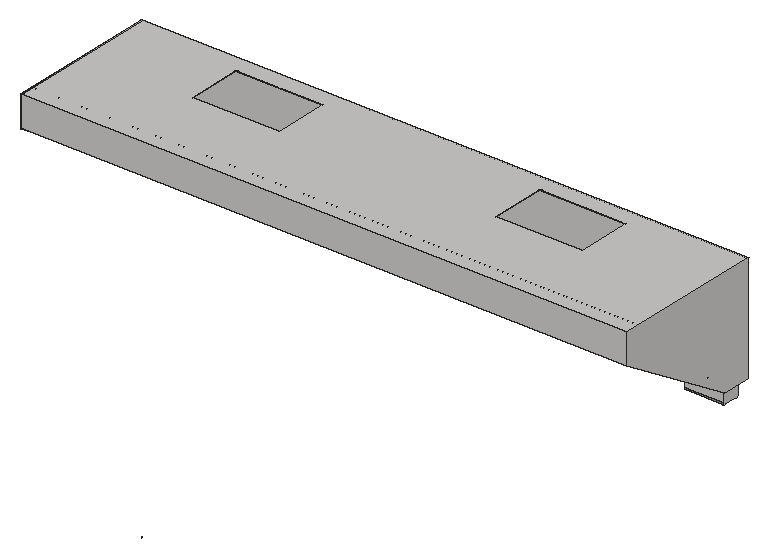
Revit family "QF_ELECTROLUXPROFESSIONAL_642274_MP728BT", category Specialty Equipment, Revit 2014
Reference planes
  plane 1: z = 0
  plane 2 "Center (Left/Right)": x = 150
  plane 3 "LEFT": x = -1250
  plane 4 "RIGHT": x = 1550
  plane 5 "BACK": y = 550
  plane 6 "Plane": z = 2000
  plane 7 "TOP": z = 2140
  plane 8 "Base": z = 1640
  plane 9: z = 1566
  plane 10 "DrainY": y = 485
  plane 11: x = -1247
  plane 12: through (0, 414.509, 1640.8) normal (0, 0.7314, 0.682)
  plane 13: y = 470
  plane 14: y = 220
  plane 15 "DrainX": x = 1430
  plane 16: x = -350
  plane 17: x = 650
  plane 18: x = -750
  plane 19: x = 1050
  plane 20: x = 1547
  plane 21: x = 1340
  plane 22: x = 1520
  plane 23: x = -1210
  plane 24: x = -845
  plane 25: x = -450
  plane 26: x = 1510
  plane 27: x = 1145
  plane 28: x = 750
  plane 29 "Center (Front/Back)": y = 200
  plane 30 "Front": y = -150
Forms (mm)
  Extrusion 1, solid, material "QF_Finishes_Stainless Steel"
    sketch origin (-1250, 0, 0) x (0, 1, 0) y (0, 0, 1)
      loop
        line (550, 1640) -> (550, 2140) -> (-150, 2140) -> (-150, 1998.603) -> (413.973, 1640) -> (550, 1640)
    from 0 to 3
  Extrusion 2, solid, material "QF_Finishes_Stainless Steel"
    sketch origin (150, 0, 0) x (0, 1, 0) y (0, 0, 1)
      loop
        line (415.255, 1640) -> (550, 1640) -> (550, 2139.19) -> (549.2, 2139.19) -> (549.2, 1640.8) -> (415.876, 1640.8) -> (339.347, 1722.867) -> (349.609, 1732.436) -> (348.927, 1733.167) -> (337.934, 1722.917) -> (415.255, 1640)
      loop
        line (-82.203, 2139.19) -> (-82.203, 2118.6) -> (-31.047, 2118.6) -> (34.354, 2048.466) -> (46.028, 2059.352) -> (45.346, 2060.083) -> (34.403, 2049.879) -> (-30.612, 2119.6) -> (-81.203, 2119.6) -> (-81.203, 2139.19) -> (-82.203, 2139.19)
    from -1397 to 1397
  Extrusion 3, solid, material "QF_Finishes_Stainless Steel"
    sketch origin (1550, 0, 0) x (0, 1, 0) y (0, 0, 1)
      loop
        line (550, 1640) -> (550, 2140) -> (-150, 2140) -> (-150, 1998.603) -> (413.973, 1640) -> (550, 1640)
    from 0 to -3
  Extrusion 4, solid, material "QF_Finishes_Stainless Steel"
    sketch origin (150, 0, 0) x (0, 1, 0) y (0, 0, 1)
      loop
        line (-150, 2140) -> (-150, 2000) -> (-149.2, 2000) -> (-149.2, 2139.19) -> (550, 2139.19) -> (550, 2140) -> (-150, 2140)
    from -1400 to 1400
  Extrusion 5, solid, material "QF_Finishes_Stainless Steel"
    sketch origin (150, 0, 0) x (0, 1, 0) y (0, 0, 1)
      loop
        line (534, 1640) -> (436, 1640) -> (436, 1627) -> (443.5, 1627) -> (443.5, 1576)
        arc (443.5, 1576) -> (446.429, 1568.929) -> (453.5, 1566) r 10
        line (453.5, 1566) -> (516.5, 1566)
        arc (516.5, 1566) -> (523.571, 1568.929) -> (526.5, 1576) r 10
        line (526.5, 1576) -> (526.5, 1627) -> (534, 1627) -> (534, 1640)
    from 1190 to 1370
  Extrusion 6, solid, material "QF_Finishes_Stainless Steel"
    sketch origin (0, 0, 1640) x (0, 1, 0) y (-1, 0, 0)
      loop
        circle (485, -1430) r 20
    from -76 to -74
  Extrusion 7, solid, material "QF_Finished_Chrome"
    sketch origin (150, 0, 0) x (0, 1, 0) y (0, 0, 1)
      loop
        line (337.934, 1722.917) -> (341.591, 1726.327) -> (38.011, 2051.876) -> (34.354, 2048.466) -> (337.934, 1722.917)
    from -995 to -1360
  Extrusion 8, solid, material "QF_Finished_Chrome"
    sketch origin (150, 0, 0) x (0, 1, 0) y (0, 0, 1)
      loop
        line (337.934, 1722.917) -> (341.591, 1726.327) -> (38.011, 2051.876) -> (34.354, 2048.466) -> (337.934, 1722.917)
    from 600 to -600
  Extrusion 9, solid, material "QF_Finishes_Stainless Steel"
    sketch origin (150, 0, 0) x (0, 1, 0) y (0, 0, 1)
      loop
        line (337.934, 1722.917) -> (341.591, 1726.327) -> (38.011, 2051.876) -> (34.354, 2048.466) -> (337.934, 1722.917)
    from 1397 to 1360
  Extrusion 10, solid, material "QF_Finishes_Stainless Steel"
    sketch origin (150, 0, 0) x (0, 1, 0) y (0, 0, 1)
      loop
        line (341.588, 1726.324) -> (38.009, 2051.874) -> (34.354, 2048.466) -> (337.934, 1722.917) -> (341.588, 1726.324)
    from -995 to -600
  Extrusion 11, solid, material "QF_Finished_Chrome"
    sketch origin (150, 0, 0) x (0, 1, 0) y (0, 0, 1)
      loop
        line (341.588, 1726.324) -> (38.009, 2051.874) -> (34.354, 2048.466) -> (337.934, 1722.917) -> (341.588, 1726.324)
    from 995 to 1360
  Extrusion 12, void
    sketch origin (0, 0, 2140) x (0, 1, 0) y (-1, 0, 0)
      loop
        line (470, 750) -> (220, 750) -> (220, 350) -> (470, 350) -> (470, 750)
    from 0 to -10
  Extrusion 13, void
    sketch origin (940, 0, 2140) x (0, 1, 0) y (-1, 0, 0)
      loop
        line (470, 290) -> (220, 290) -> (220, -110) -> (470, -110) -> (470, 290)
    from 0 to -10
  Extrusion 14, solid, material "QF_Finishes_Stainless Steel"
    sketch origin (0, 0, 0) x (1, 0, 0) y (0, 1, 0)
      loop
        line (-1250, 550) -> (-1250, 549) -> (-1249, 549) -> (-1249, 550) -> (-1250, 550)
    from 0 to 1
  Extrusion 15, solid, material "QF_Finishes_Stainless Steel"
    sketch origin (150, 0, 0) x (0, 1, 0) y (0, 0, 1)
      loop
        line (337.934, 1722.917) -> (341.591, 1726.327) -> (38.011, 2051.876) -> (34.354, 2048.466) -> (337.934, 1722.917)
    from -1360 to -1397
  Extrusion 16, solid, material "QF_Finishes_Stainless Steel"
    sketch origin (150, 0, 0) x (0, 1, 0) y (0, 0, -1)
      loop
        line (341.588, -1726.324) -> (337.934, -1722.917) -> (34.354, -2048.466) -> (38.009, -2051.874) -> (341.588, -1726.324)
    from -995 to -600
Cuts and joins
  Extrusion 12, Extrusion 13 cuts Extrusion 4
  joined: Extrusion 2, Extrusion 4
Lines and regions (mm)
  reference lines
    curve 1: line (150, 34.354, 2048.466) -> (150, 34.354, 1888.466)
  symbolic lines, style "SpecialityEquipment", detail levels coarse
    curve 2: line (1550, 550, 2140) -> (-1250, 550, 2140)
    curve 3: line (-1250, 550, 2140) -> (-1250, -150, 2140)
    curve 4: line (1550, -150, 2140) -> (1550, 550, 2140)
    curve 5: line (-1250, -150, 2140) -> (1550, -150, 2140)
    curve 6: line (-750, 220, 2140) -> (-350, 220, 2140)
    curve 7: line (-750, 470, 2140) -> (-750, 220, 2140)
    curve 8: line (-350, 470, 2140) -> (-750, 470, 2140)
    curve 9: line (-350, 220, 2140) -> (-350, 470, 2140)
    curve 10: line (650, 470, 2140) -> (650, 220, 2140)
    curve 11: line (650, 220, 2140) -> (1050, 220, 2140)
    curve 12: line (1050, 470, 2140) -> (650, 470, 2140)
    curve 13: line (1050, 220, 2140) -> (1050, 470, 2140)
  symbolic lines, detail levels coarse
    curve 14: line (-1250, -150, 0) -> (1550, 550, 0)
    curve 15: line (1550, -150, 0) -> (-1250, 549, 0)
Dimensions and locks
  plane 3 "LEFT" to plane 4 "RIGHT" = 2800 mm
  equal spacing: plane 3 "LEFT", plane 2 "Center (Left/Right)", plane 4 "RIGHT"
  locked: plane 6 "Plane" to level at 2000
  plane 7 "TOP" to plane 6 "Plane" = 140 mm
  locked: plane 7 "TOP" to plane 8 "Base" at 500
  plane 8 "Base" to plane 9 = 74 mm
  plane 5 "BACK" to plane 10 "DrainY" = 65 mm  (x2)
  plane 3 "LEFT" to plane 11 = 3 mm
  plane 5 "BACK" to plane 13 = 80 mm
  plane 13 to plane 14 = 250 mm  (x2)
  plane 15 "DrainX" to plane 4 "RIGHT" = 120 mm
  locked: plane 16 to plane 17 at 1000
  equal spacing: plane 16, plane 2 "Center (Left/Right)", plane 17
  plane 18 to plane 16 = 400 mm
  plane 17 to plane 19 = 400 mm
  plane 20 to plane 4 "RIGHT" = 3 mm
  locked: plane 21 to plane 15 "DrainX" at 90
  locked: plane 15 "DrainX" to plane 22 at 90
  plane 13 to plane 5 "BACK" = 80 mm
  locked: plane 3 "LEFT" to plane 23 at 40
  locked: plane 23 to plane 24 at 365
  locked: plane 24 to plane 25 at 395
  locked: plane 26 to plane 27 at 365
  locked: plane 27 to plane 28 at 395
  locked: plane 26 to plane 4 "RIGHT" at 40
  plane 25 to plane 28 = 1200 mm
  locked: plane 5 "BACK" to plane 30 "Front" at 700
  equal spacing: plane 5 "BACK", plane 29 "Center (Front/Back)", plane 30 "Front"
  plane 5 "BACK" to plane 30 "Front" = 700 mm
  aligned and locked: level to plane 1
  aligned and locked: Extrusion 2 to Extrusion 1
  aligned and locked: Extrusion 2 to Extrusion 3
  aligned and locked: plane 4 "RIGHT" to Extrusion 4
  aligned and locked: Extrusion 4 to plane 3 "LEFT"
  aligned and locked: plane 20 to Extrusion 9
  aligned and locked: plane 18 to Extrusion 12
  aligned and locked: Extrusion 12 to plane 16
  aligned and locked: Extrusion 12 to plane 14
  aligned and locked: Extrusion 12 to plane 13
  aligned and locked: Extrusion 13 to plane 19
  aligned and locked: plane 17 to Extrusion 13
  aligned and locked: Extrusion 2 to Extrusion 4
  aligned and locked: plane 22 to Extrusion 5
  aligned and locked: Extrusion 5 to plane 21
  aligned and locked: Extrusion 9 to plane 26
  aligned and locked: Extrusion 11 to plane 26
  aligned and locked: Extrusion 11 to plane 27
  aligned and locked: Extrusion 8 to plane 28
  aligned and locked: Extrusion 8 to plane 25
  aligned and locked: plane 25 to Extrusion 10
  aligned and locked: Extrusion 10 to plane 24
  aligned and locked: plane 24 to Extrusion 7
  aligned and locked: Extrusion 7 to plane 23
  aligned and locked: Extrusion 15 to plane 11
  aligned and locked: plane 23 to Extrusion 15
  aligned and locked: Extrusion 16 to plane 28
  aligned and locked: Extrusion 16 to plane 27
  aligned and locked: Extrusion 3 to plane 20
Automatic sketch dimensions
  curve 5 to plane 3 "LEFT" = 0 mm
  curve 9 to plane 14 = 0 mm
  curve 10 to plane 14 = 0 mm
  plane 13 to curve 8 = 0 mm
  plane 13 to curve 12 = 0 mm
  curve 3 to plane 5 "BACK" = 0 mm
  curve 5 to plane 4 "RIGHT" = 0 mm
  curve 11 to plane 19 = 0 mm
  curve 10 to plane 17 = 0 mm
  curve 6 to plane 16 = 0 mm
  curve 6 to plane 18 = 0 mm
  Extrusion 2 sketch curve to plane 12 = 0 mm  (x3)
  Extrusion 2 sketch curve to plane 8 "Base" = 0 mm
  plane 12 to Extrusion 2 sketch curve = 0 mm
  Extrusion 2 sketch curve to plane 5 "BACK" = 0 mm
  Extrusion 2 sketch curve to Extrusion 2 sketch curve = 65.646 mm
  Extrusion 2 sketch curve to Extrusion 2 sketch curve = 0.682 mm  (x2)
  Extrusion 2 sketch curve to Extrusion 2 sketch curve = 10.261 mm
  plane 8 "Base" to Extrusion 2 sketch curve = 82.917 mm
  Extrusion 2 sketch curve to Extrusion 2 sketch curve = 10.942 mm
  Extrusion 2 sketch curve to Extrusion 2 sketch curve = 0.049 mm
  Extrusion 2 sketch curve to plane 7 "TOP" = 20.4 mm
  Extrusion 2 sketch curve to plane 7 "TOP" = 21.4 mm
  Extrusion 2 sketch curve to plane 7 "TOP" = 0.81 mm  (x2)
  Extrusion 2 sketch curve to Extrusion 2 sketch curve = 50.156 mm
  Extrusion 2 sketch curve to Extrusion 2 sketch curve = 1 mm
  plane 8 "Base" to Extrusion 2 sketch curve = 0.8 mm
  Extrusion 2 sketch curve to plane 5 "BACK" = 0.8 mm
  Extrusion 3 sketch curve to plane 8 "Base" = 0 mm
  Extrusion 3 sketch curve to plane 5 "BACK" = 0 mm
  Extrusion 3 sketch curve to plane 7 "TOP" = 0 mm
  plane 13 to Extrusion 3 sketch curve = 56.027 mm
  Extrusion 3 sketch curve to plane 6 "Plane" = 1.397 mm
  Extrusion 4 sketch curve to plane 6 "Plane" = 0 mm
  Extrusion 4 sketch curve to plane 5 "BACK" = 0 mm
  Extrusion 4 sketch curve to plane 7 "TOP" = 0 mm
  Extrusion 4 sketch curve to plane 7 "TOP" = 0.81 mm
  curve 1 to plane 12 = 0 mm
  curve 1 to plane 6 "Plane" = 111.534 mm
  Extrusion 5 sketch curve to plane 8 "Base" = 0 mm
  Extrusion 5 sketch curve to plane 9 = 0 mm
  Extrusion 5 sketch curve to plane 8 "Base" = 13 mm  (x2)
  plane 13 to Extrusion 5 sketch curve = 34 mm
  Extrusion 5 sketch curve to Extrusion 5 sketch curve = 7.5 mm  (x2)
  Extrusion 5 sketch curve to Extrusion 5 sketch curve = 10 mm
  plane 10 "DrainY" to Extrusion 5 sketch curve = 31.5 mm
  Extrusion 5 sketch curve to plane 5 "BACK" = 23.5 mm
  Extrusion 6 sketch curve to plane 10 "DrainY" = 0 mm
  Extrusion 6 sketch curve to plane 15 "DrainX" = 0 mm
  Extrusion 7 sketch curve to plane 12 = 0 mm  (x2)
  Extrusion 7 sketch curve to Extrusion 7 sketch curve = 3.657 mm
  plane 8 "Base" to Extrusion 7 sketch curve = 82.917 mm
  Extrusion 8 sketch curve to plane 12 = 0 mm  (x2)
  Extrusion 8 sketch curve to Extrusion 8 sketch curve = 3.657 mm
  plane 8 "Base" to Extrusion 8 sketch curve = 82.917 mm
  Extrusion 9 sketch curve to plane 12 = 0 mm  (x2)
  Extrusion 9 sketch curve to Extrusion 9 sketch curve = 3.657 mm
  plane 8 "Base" to Extrusion 9 sketch curve = 82.917 mm
  Extrusion 10 sketch curve to plane 12 = 0 mm  (x2)
  Extrusion 10 sketch curve to Extrusion 10 sketch curve = 3.655 mm
  plane 8 "Base" to Extrusion 10 sketch curve = 82.917 mm
  Extrusion 11 sketch curve to plane 12 = 0 mm  (x2)
  Extrusion 11 sketch curve to Extrusion 11 sketch curve = 3.655 mm
  plane 8 "Base" to Extrusion 11 sketch curve = 82.917 mm
  Extrusion 12 sketch curve to plane 14 = 0 mm
  plane 13 to Extrusion 12 sketch curve = 0 mm
  Extrusion 12 sketch curve to plane 16 = 0 mm
  Extrusion 12 sketch curve to plane 18 = 0 mm
  Extrusion 13 sketch curve to plane 14 = 0 mm
  plane 13 to Extrusion 13 sketch curve = 0 mm
  Extrusion 13 sketch curve to plane 19 = 0 mm
  Extrusion 13 sketch curve to plane 17 = 0 mm
  Extrusion 14 sketch curve to plane 3 "LEFT" = 0 mm
  Extrusion 14 sketch curve to plane 5 "BACK" = 0 mm
  plane 3 "LEFT" to Extrusion 14 sketch curve = 1 mm
  Extrusion 14 sketch curve to plane 5 "BACK" = 1 mm
  Extrusion 15 sketch curve to plane 12 = 0 mm  (x2)
  Extrusion 15 sketch curve to Extrusion 15 sketch curve = 3.657 mm
  plane 8 "Base" to Extrusion 15 sketch curve = 82.917 mm
  Extrusion 16 sketch curve to plane 12 = 0 mm  (x2)
  Extrusion 16 sketch curve to Extrusion 16 sketch curve = 3.655 mm
  plane 8 "Base" to Extrusion 16 sketch curve = 82.917 mm
  plane 6 "Plane" to Extrusion 2 sketch curve = 48.466 mm
  curve 1 to plane 14 = 185.646 mm
  plane 6 "Plane" to Extrusion 7 sketch curve = 51.876 mm
  plane 6 "Plane" to Extrusion 8 sketch curve = 51.876 mm
  plane 6 "Plane" to Extrusion 9 sketch curve = 51.876 mm
  plane 6 "Plane" to Extrusion 10 sketch curve = 51.874 mm
  plane 6 "Plane" to Extrusion 11 sketch curve = 51.874 mm
  plane 6 "Plane" to Extrusion 15 sketch curve = 51.876 mm
  plane 6 "Plane" to Extrusion 16 sketch curve = 51.874 mm
  curve 5 to plane 14 = 370 mm
  Extrusion 3 sketch curve to plane 14 = 370 mm
  Extrusion 4 sketch curve to plane 14 = 369.2 mm
  Extrusion 4 sketch curve to Extrusion 4 sketch curve = 0.8 mm
  Extrusion 1 sketch curve to plane 7 "TOP" = 0 mm
  Extrusion 1 sketch curve to plane 8 "Base" = 0 mm
  Extrusion 1 sketch curve to plane 5 "BACK" = 0 mm
  Extrusion 1 sketch curve to plane 30 "Front" = 0 mm
  plane 13 to Extrusion 1 sketch curve = 56.027 mm
  Extrusion 1 sketch curve to plane 6 "Plane" = 1.397 mm
  curve 15 to plane 3 "LEFT" = 0 mm
  curve 14 to plane 3 "LEFT" = 0 mm
  curve 15 to plane 4 "RIGHT" = 0 mm
  curve 14 to plane 4 "RIGHT" = 0 mm
  curve 15 to plane 30 "Front" = 0 mm
  curve 14 to plane 30 "Front" = 0 mm
  curve 14 to plane 5 "BACK" = 0 mm
  curve 15 to plane 5 "BACK" = 1 mm
  radius of Extrusion 6 sketch curve = 20 mm
Connectors
  piping at (1430, 485, 1564), diameter 20
    settings: on Extrusion 6, index 1, connector inside diameter 609.6 mm, connector length 0 mm, flow factor 0, pipe flow 0.0 L/s, pressure drop 0.0 Pa, fitting loss kfactor 0, connector angle 0.00°, fixture units 0, engagement length 0 mm, angle of deflection 0.00°, flow configuration 1, flow direction 2, fitting loss method 0, system type 16, joint type 0, gender type 0, connector reference index -1, connector utility 0, adjustable connector no, is connector primary yes, connector description "Drain"
  hvac at (-550, 345, 2140)
    settings: on Extrusion 12, index 2, duct flow 0.0 L/s, flow factor 0, pres drop 0.0 Pa, loss coef 0, conn angle 0.00°, conn width 250 mm, conn height 400 mm, conn diameter 609.6 mm, duct sys type 3, conn prof type 1, flow config 1, flow direction 0, loss method 0, conn ref index -1, conn util no, is conn primary yes, conn desc "EXHAUST OUTLET"
  hvac at (850, 345, 2140)
    settings: on Extrusion 13, index 3, duct flow 0.0 L/s, flow factor 0, pres drop 0.0 Pa, loss coef 0, conn angle 0.00°, conn width 250 mm, conn height 400 mm, conn diameter 609.6 mm, duct sys type 3, conn prof type 1, flow config 1, flow direction 0, loss method 0, conn ref index -1, conn util no, is conn primary no, conn desc "EXHAUST OUTLET"
